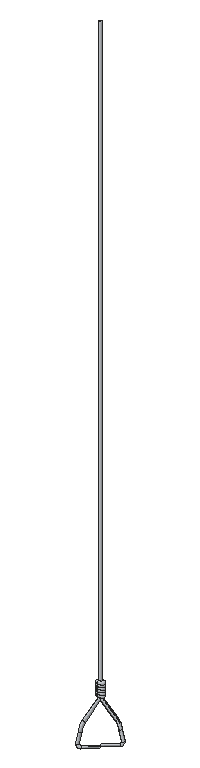
Revit family "33e64ad9beceab67830cc6ab6a642f87b3280696_new", category Specialty Equipment, Revit 2014
Parameters (values of type "Parametric")
  Wire Visibility = yes
  Wire = Metal - Aluminum Frame - HunterDouglas - Painted White
  URL = "http://www.hunterdouglascontract.com/ceilings/index.jsp"
  Subcategory = "Metal – Screen Baffle"  # constant formula
  Product Line = "V-Baffle Fins"  # constant formula
  Model = "V-Baffle Fins Hanger Wire"  # constant formula
  Manufacturer = "Hunter Douglas Luxalon Metal Ceilings"  # constant formula
  Hanger Wire Length [instance] = 2' - 0"
  Description = "V-Baffle Fins Hanger Wire"  # constant formula
  Assembly Code = "C3030200"
  95 CSI = "09510"  # constant formula
  04 CSI = "09 51 00"  # constant formula
Reference planes (in)
  plane 1 "Center (Front/Back)": y = 0
  plane 2: z = 0
  plane 3 "Center (Left/Right)": x = 0
  plane 4: x = -0.77248
  plane 5: x = 0.77248
  plane 6: z = 5.625
  plane 7: z = 5.6875
  plane 8: z = 24
  plane 9: x = 0.39791
  plane 10: x = -0.39791
Dimensions and locks (in)
  equal spacing: plane 4, plane 3 "Center (Left/Right)", plane 5
  plane 4 to plane 5 = 0' - 1.54495"
  locked: plane 6 to plane 7 at 0.0625
  plane 6 to level = 0' - 5 5/8"
  "Hanger Wire Length": plane 8 to level
  aligned and locked: level to plane 2
  aligned and locked: plane 1 "Center (Front/Back)" to nested 1
  aligned and locked: plane 3 "Center (Left/Right)" to nested 1
Nested families (in)
  nested 1: "Hanger_Wire" at (0, 0, 0), type "Wire"
Definition of nested family "Hanger_Wire"
  Parameters (values of type "Wire")
    Wire Visibility = yes
    Wire Hanger = Metal - Aluminum Frame - HunterDouglas - Painted White
    URL = "http://www.hunterdouglascontract.com/ceilings/index.jsp"
    Subcategory = "Metal – Cell Ceilings"  # constant formula
    Product Line = "Open Cell"  # constant formula
    Model = "Open Cell Hanger_Wire"  # constant formula
    Manufacturer = "Hunter Douglas Luxalon Metal Ceilings"  # constant formula
    Hanger Wire Length = 2' - 0"
    Description = "Hanger_Wire"  # constant formula
    Assembly Code = "C3030200"
    95 CSI = "09510"  # constant formula
    04 CSI = "09 51 00"  # constant formula
  Reference planes (in)
    plane 1 "Center (Front/Back)": y = 0
    plane 2: z = 0
    plane 3 "Center (Left/Right)": x = 0
    plane 4: x = -0.77248
    plane 5: x = 0.77248
    plane 6: z = 5.625
    plane 7: z = 5.6875
    plane 8: z = 24
    plane 9: x = 0.39791
    plane 10: x = -0.39791
  Forms (in)
    Sweep 1, solid, material "Metal - Aluminum Frame - HunterDouglas - Painted White" <- "Wire Hanger", visible <- "Wire Visibility", detail levels fine
      path origin (0, 0, 0) x (0.707107, 0.707107, 0) y (0, 0, 1)
        loop
          line (0.03125, 24) -> (0.03125, 6.89543) -> (0.38236, 6.32885)
          arc (0.38236, 6.32885) -> (0.44435, 6.20373) -> (0.48166, 6.06916) r 0.73777
          line (0.48166, 6.06916) -> (0.5376, 5.75399)
          arc (0.5376, 5.75399) -> (0.51364, 5.66427) -> (0.42949, 5.625) r 0.1098
          line (0.42949, 5.625) -> (-0.42976, 5.625)
          arc (-0.42976, 5.625) -> (-0.51374, 5.66419) -> (-0.53765, 5.75372) r 0.10957
          line (-0.53765, 5.75372) -> (-0.48246, 6.06465)
          arc (-0.48246, 6.06465) -> (-0.44395, 6.20357) -> (-0.37995, 6.33274) r 0.76163
          line (-0.37995, 6.33274) -> (-0.0384, 6.88388)
      profile origin (-0.0001, -0.0001, 5.625) x (0, 0, -1) y (0.707107, -0.707107, 0)
        loop
          circle (-0.03125, 0) r 0.03125
    Revolve 2, solid, material "Metal - Aluminum Frame - HunterDouglas - Painted White" <- "Wire Hanger", visible <- "Wire Visibility", detail levels fine
      sketch origin (0.00705, -1.10535, 0.17393) x (0, 0.947216, -0.320596) y (0, 0.320596, 0.947216)
        loop
          line (-1.22115, 7.10899) -> (-1.29189, 7.10899)
          arc (-1.29189, 7.10899) -> (-1.32314, 7.07774) -> (-1.29189, 7.04649) r 0.03125
          line (-1.29189, 7.04649) -> (-1.22115, 7.04649) -> (-1.22115, 7.10899)
        axis (-1.22115, 7.04649) -> (-1.22115, 7.10899)
      angle from 0 to 360
    Revolve 3, solid, material "Metal - Aluminum Frame - HunterDouglas - Painted White" <- "Wire Hanger", visible <- "Wire Visibility", detail levels fine
      sketch origin (0.00705, -1.10535, 0.04197) x (0, 0.947216, -0.320596) y (0, 0.320596, 0.947216)
        loop
          line (-1.22115, 7.10899) -> (-1.29189, 7.10899)
          arc (-1.29189, 7.10899) -> (-1.32314, 7.07774) -> (-1.29189, 7.04649) r 0.03125
          line (-1.29189, 7.04649) -> (-1.22115, 7.04649) -> (-1.22115, 7.10899)
        axis (-1.22115, 7.04649) -> (-1.22115, 7.10899)
      angle from 0 to 360
    Revolve 4, solid, material "Metal - Aluminum Frame - HunterDouglas - Painted White" <- "Wire Hanger", visible <- "Wire Visibility", detail levels fine
      sketch origin (0.00705, -1.10535, 0.10916) x (0, 0.947216, -0.320596) y (0, 0.320596, 0.947216)
        loop
          line (-1.22115, 7.10899) -> (-1.29189, 7.10899)
          arc (-1.29189, 7.10899) -> (-1.32314, 7.07774) -> (-1.29189, 7.04649) r 0.03125
          line (-1.29189, 7.04649) -> (-1.22115, 7.04649) -> (-1.22115, 7.10899)
        axis (-1.22115, 7.04649) -> (-1.22115, 7.10899)
      angle from 0 to 360
    Revolve 5, solid, material "Metal - Aluminum Frame - HunterDouglas - Painted White" <- "Wire Hanger", visible <- "Wire Visibility", detail levels fine
      sketch origin (0.00705, -1.10535, -0.02357) x (0, 0.947216, -0.320596) y (0, 0.320596, 0.947216)
        loop
          line (-1.22115, 7.10899) -> (-1.29189, 7.10899)
          arc (-1.29189, 7.10899) -> (-1.32314, 7.07774) -> (-1.29189, 7.04649) r 0.03125
          line (-1.29189, 7.04649) -> (-1.22115, 7.04649) -> (-1.22115, 7.10899)
        axis (-1.22115, 7.04649) -> (-1.22115, 7.10899)
      angle from 0 to 360
    Revolve 6, solid, material "Metal - Aluminum Frame - HunterDouglas - Painted White" <- "Wire Hanger", visible <- "Wire Visibility", detail levels fine
      sketch origin (0.00705, -1.10535, -0.08912) x (0, 0.947216, -0.320596) y (0, 0.320596, 0.947216)
        loop
          line (-1.22115, 7.10899) -> (-1.29189, 7.10899)
          arc (-1.29189, 7.10899) -> (-1.32314, 7.07774) -> (-1.29189, 7.04649) r 0.03125
          line (-1.29189, 7.04649) -> (-1.22115, 7.04649) -> (-1.22115, 7.10899)
        axis (-1.22115, 7.04649) -> (-1.22115, 7.10899)
      angle from 0 to 360
    Revolve 7, solid, material "Metal - Aluminum Frame - HunterDouglas - Painted White" <- "Wire Hanger", visible <- "Wire Visibility", detail levels fine
      sketch origin (0.00705, -1.10535, -0.15857) x (0, 0.947216, -0.320596) y (0, 0.320596, 0.947216)
        loop
          line (-1.22115, 7.10899) -> (-1.29189, 7.10899)
          arc (-1.29189, 7.10899) -> (-1.32314, 7.07774) -> (-1.29189, 7.04649) r 0.03125
          line (-1.29189, 7.04649) -> (-1.22115, 7.04649) -> (-1.22115, 7.10899)
        axis (-1.22115, 7.04649) -> (-1.22115, 7.10899)
      angle from 0 to 360
  Lines and regions (in)
    model lines, style "Wire", visible <- "Wire Visibility", detail levels coarse+medium
      curve 1: line (0, 0, 23.78125) -> (0, 0, 5.6875)
    symbolic lines, style "Wire", visible <- "Wire Visibility", detail levels fine
      curve 2: line (-0.38204, -0.33784, 0) -> (-0.08282, -0.03863, 0)
      curve 3: line (0.38204, 0.33784, 0) -> (0.09664, 0.05243, 0)
      curve 4: arc (0.33784, 0.38204, 0) -> (0.38204, 0.38204, 0) -> (0.38204, 0.33784, 0) r 0.03125
      curve 5: arc (-0.38204, -0.33784, 0) -> (-0.38204, -0.38204, 0) -> (-0.33784, -0.38204, 0) r 0.03125
      curve 6: circle (0.00691, 0.00691, 0) r 0.10062 normal (0, 0, 1)
      curve 8: line (0.05244, 0.09663, 0) -> (0.33784, 0.38204, 0)
      curve 9: line (-0.03862, -0.08282, 0) -> (-0.33784, -0.38204, 0)
      curve 14: line (-0.03122, 0, 24) -> (0.03122, 0, 24)
      curve 15: line (0.03122, 0, 24) -> (0.03122, 0, 7.2956)
      curve 16: line (-0.02999, 0, 6.87867) -> (-0.27048, 0, 6.34802)
      curve 17: line (-0.39791, 0, 5.75833) -> (-0.33782, 0, 6.08096)
      curve 18: arc (-0.33782, 0, 6.08096) -> (-0.3161, 0, 6.2175) -> (-0.27048, 0, 6.34802) r 0.77561
      curve 19: arc (-0.39791, 0, 5.75833) -> (-0.37867, 0, 5.67143) -> (-0.30275, 0, 5.625) r 0.11373
      curve 20: line (0.08629, 0, 6.80661) -> (-0.02999, 0, 6.87867)
      curve 21: spline (-0.03122, 0, 6.87764) -> (-0.02944, 0, 6.87816) -> (-0.02594, 0, 6.87916) -> (-0.02092, 0, 6.8806) -> (-0.01467, 0, 6.88239) -> (-0.00756, 0, 6.88442) -> (0, 0, 6.88657) -> (0.00755, 0, 6.88872) -> (0.01466, 0, 6.89074) -> (0.02091, 0, 6.89251) -> (0.02594, 0, 6.89393) -> (0.02944, 0, 6.89492) -> (0.03122, 0, 6.89542)
      curve 22: line (0.00884, 0, 6.81294) -> (-0.21356, 0, 6.32222)
      curve 23: arc (-0.2757, 0, 6.07315) -> (-0.25593, 0, 6.2005) -> (-0.21356, 0, 6.32222) r 0.71311
      curve 24: line (-0.33647, 0, 5.74689) -> (-0.2757, 0, 6.07315)
      curve 25: arc (-0.33647, 0, 5.74689) -> (-0.3278, 0, 5.70774) -> (-0.2936, 0, 5.68683) r 0.05123
      curve 26: line (0.03122, 0, 24) -> (-0.03122, 0, 24)
      curve 27: line (-0.03122, 0, 24) -> (-0.03122, 0, 7.3171)
      curve 28: line (-0.2936, 0, 5.68683) -> (0, 0, 5.68683)
      curve 29: line (0, 0, 5.625) -> (-0.30275, 0, 5.625)
      curve 30: line (-0.03122, 0, 6.92002) -> (-0.03122, 0, 6.87595)
      curve 31: line (0.03122, 0, 6.87595) -> (0.27048, 0, 6.34802)
      curve 32: line (0.39791, 0, 5.75833) -> (0.33782, 0, 6.08096)
      curve 33: arc (0.33782, 0, 6.08096) -> (0.3161, 0, 6.2175) -> (0.27048, 0, 6.34802) r 0.77561
      curve 34: arc (0.39791, 0, 5.75833) -> (0.37867, 0, 5.67143) -> (0.30275, 0, 5.625) r 0.11373
      curve 35: spline (0.03122, 0, 6.87764) -> (0.02944, 0, 6.87816) -> (0.02594, 0, 6.87916) -> (0.02092, 0, 6.8806) -> (0.01467, 0, 6.88239) -> (0.00756, 0, 6.88442) -> (0, 0, 6.88657) -> (-0.00755, 0, 6.88872) -> (-0.01466, 0, 6.89074) -> (-0.02091, 0, 6.89251) -> (-0.02594, 0, 6.89393) -> (-0.02944, 0, 6.89492) -> (-0.03122, 0, 6.89542)
      curve 36: line (-0.00884, 0, 6.81294) -> (0.21356, 0, 6.32222)
      curve 37: arc (0.2757, 0, 6.07315) -> (0.25593, 0, 6.2005) -> (0.21356, 0, 6.32222) r 0.71311
      curve 38: line (0.33647, 0, 5.74689) -> (0.2757, 0, 6.07315)
      curve 39: arc (0.33647, 0, 5.74689) -> (0.3278, 0, 5.70774) -> (0.2936, 0, 5.68683) r 0.05123
      curve 40: line (0.2936, 0, 5.68683) -> (0, 0, 5.68683)
      curve 41: line (0, 0, 5.625) -> (0.30275, 0, 5.625)
      curve 42: line (0.03122, 0, 6.92002) -> (0.03122, 0, 6.87595)
    symbolic lines, style "Wire", detail levels fine
      curve 7: circle (0, 0, 0) r 0.03125 normal (0, 0, 1)
      curve 43: line (0, 0.03122, 6.87595) -> (0, 0.27048, 6.34802)
      curve 44: line (0, 0.39791, 5.75833) -> (0, 0.33782, 6.08096)
      curve 45: arc (0, 0.33782, 6.08096) -> (0, 0.3161, 6.2175) -> (0, 0.27048, 6.34802) r 0.77561
      curve 46: arc (0, 0.39791, 5.75833) -> (0, 0.37867, 5.67143) -> (0, 0.30275, 5.625) r 0.11373
      curve 47: line (0, -0.00884, 6.81294) -> (0, 0.21356, 6.32222)
      curve 48: arc (0, 0.2757, 6.07315) -> (0, 0.25593, 6.2005) -> (0, 0.21356, 6.32222) r 0.71311
      curve 49: line (0, 0.33647, 5.74689) -> (0, 0.2757, 6.07315)
      curve 50: arc (0, 0.33647, 5.74689) -> (0, 0.3278, 5.70774) -> (0, 0.2936, 5.68683) r 0.05123
      curve 51: line (0, 0.2936, 5.68683) -> (0, 0, 5.68683)
      curve 52: line (0, 0, 5.625) -> (0, 0.30275, 5.625)
      curve 53: line (0, -0.03122, 6.87595) -> (0, -0.27048, 6.34802)
      curve 54: line (0, -0.39791, 5.75833) -> (0, -0.33782, 6.08096)
      curve 55: arc (0, -0.33782, 6.08096) -> (0, -0.3161, 6.2175) -> (0, -0.27048, 6.34802) r 0.77561
      curve 56: arc (0, -0.39791, 5.75833) -> (0, -0.37867, 5.67143) -> (0, -0.30275, 5.625) r 0.11373
      curve 57: line (0, 0.00884, 6.81294) -> (0, -0.21356, 6.32222)
      curve 58: arc (0, -0.2757, 6.07315) -> (0, -0.25593, 6.2005) -> (0, -0.21356, 6.32222) r 0.71311
      curve 59: line (0, -0.33647, 5.74689) -> (0, -0.2757, 6.07315)
      curve 60: arc (0, -0.33647, 5.74689) -> (0, -0.3278, 5.70774) -> (0, -0.2936, 5.68683) r 0.05123
      curve 61: line (0, -0.2936, 5.68683) -> (0, 0, 5.68683)
      curve 62: line (0, 0, 5.625) -> (0, -0.30275, 5.625)
      curve 63: line (0, -0.03122, 6.92002) -> (0, -0.03122, 6.87595)
      curve 64: line (0, -0.04684, 7.32248) -> (0, 0.08788, 7.27609)
      curve 65: line (0, -0.07537, 7.26608) -> (0, 0.06749, 7.21689)
      curve 66: arc (0, 0.08788, 7.27609) -> (0, 0.10729, 7.2363) -> (0, 0.06749, 7.21689) r 0.03131
      curve 67: arc (0, -0.04684, 7.32248) -> (0, -0.08569, 7.30672) -> (0, -0.07537, 7.26608) r 0.0319
      curve 68: arc (0, 0.08788, 7.20987) -> (0, 0.10784, 7.17187) -> (0, 0.0711, 7.14966) r 0.03131
      curve 69: arc (0, -0.04684, 7.25626) -> (0, -0.08551, 7.24085) -> (0, -0.07602, 7.20032) r 0.0319
      curve 70: line (0, -0.07602, 7.20032) -> (0, 0.0711, 7.14966)
      curve 71: arc (0, 0.08788, 7.14365) -> (0, 0.10784, 7.10565) -> (0, 0.0711, 7.08344) r 0.03131
      curve 72: arc (0, -0.04684, 7.19004) -> (0, -0.08551, 7.17463) -> (0, -0.07602, 7.1341) r 0.0319
      curve 73: line (0, -0.07602, 7.1341) -> (0, 0.0711, 7.08344)
      curve 74: arc (0, 0.08788, 7.07743) -> (0, 0.10784, 7.03943) -> (0, 0.0711, 7.01722) r 0.03131
      curve 75: arc (0, -0.04684, 7.12382) -> (0, -0.08551, 7.10841) -> (0, -0.07602, 7.06788) r 0.0319
      curve 76: line (0, -0.07602, 7.06788) -> (0, 0.0711, 7.01722)
      curve 77: arc (0, 0.08788, 7.01121) -> (0, 0.10784, 6.97321) -> (0, 0.0711, 6.951) r 0.03131
      curve 78: arc (0, -0.04684, 7.0576) -> (0, -0.08551, 7.04219) -> (0, -0.07602, 7.00166) r 0.0319
      curve 79: line (0, -0.07602, 7.00166) -> (0, 0.0711, 6.951)
      curve 80: arc (0, 0.08788, 6.94499) -> (0, 0.10784, 6.90699) -> (0, 0.0711, 6.88478) r 0.03131
      curve 81: arc (0, -0.04684, 6.99138) -> (0, -0.08551, 6.97597) -> (0, -0.07602, 6.93544) r 0.0319
      curve 82: line (0, -0.07602, 6.93544) -> (0, 0.0711, 6.88478)
      curve 83: line (0, -0.03122, 6.92002) -> (0, -0.03122, 6.87595)
      curve 84: spline (0, 0.03122, 6.87764) -> (0, 0.02944, 6.87816) -> (0, 0.02594, 6.87916) -> (0, 0.02092, 6.8806) -> (0, 0.01467, 6.88239) -> (0, 0.00756, 6.88442) -> (0, 0, 6.88657) -> (0, -0.00755, 6.88872) -> (0, -0.01466, 6.89074) -> (0, -0.02091, 6.89251) -> (0, -0.02594, 6.89393) -> (0, -0.02944, 6.89492) -> (0, -0.03122, 6.89542)
      curve 85: line (0, 0.03122, 6.89852) -> (0, 0.03122, 6.87595)
    symbolic lines, style "Wire", visible <- "Wire Visibility"
      curve 10: line (0, 0.03125, 24) -> (0, -0.03125, 24)
      curve 86: arc (-0.07801, 0, 6.97131) -> (-0.09482, 0, 7.00588) -> (-0.07483, 0, 7.03872) r 0.04011
      curve 87: arc (-0.07459, 0, 7.03886) -> (-0.03526, 0, 7.05461) -> (0.00686, 0, 7.05917) r 0.15569
      curve 88: arc (0.09173, 0, 6.97131) -> (0.10854, 0, 7.00588) -> (0.08855, 0, 7.03872) r 0.04011
      curve 89: arc (0.0883, 0, 7.03886) -> (0.04898, 0, 7.05461) -> (0.00686, 0, 7.05917) r 0.15569
      curve 90: arc (-0.07483, 0, 7.03872) -> (-0.09482, 0, 7.07163) -> (-0.07788, 0, 7.10622) r 0.04011
      curve 91: arc (-0.07459, 0, 7.10831) -> (-0.03526, 0, 7.12406) -> (0.00686, 0, 7.12862) r 0.15569
      curve 92: arc (0.08855, 0, 7.03872) -> (0.10858, 0, 7.07359) -> (0.0883, 0, 7.10831) r 0.04011
      curve 93: arc (0.0883, 0, 7.10831) -> (0.04898, 0, 7.12406) -> (0.00686, 0, 7.12862) r 0.15569
      curve 94: arc (-0.07788, 0, 7.10622) -> (-0.09482, 0, 7.14094) -> (-0.07459, 0, 7.17385) r 0.04011
      curve 95: arc (-0.07459, 0, 7.17385) -> (-0.03526, 0, 7.1896) -> (0.00686, 0, 7.19416) r 0.15569
      curve 96: arc (0.0916, 0, 7.10622) -> (0.10853, 0, 7.14094) -> (0.0883, 0, 7.17385) r 0.04011
      curve 97: arc (0.0883, 0, 7.17385) -> (0.04898, 0, 7.1896) -> (0.00686, 0, 7.19416) r 0.15569
      curve 98: arc (-0.07788, 0, 7.17176) -> (-0.09486, 0, 7.20453) -> (-0.07788, 0, 7.2373) r 0.04011
      curve 99: arc (-0.07459, 0, 7.23939) -> (-0.03526, 0, 7.25514) -> (0.00686, 0, 7.2597) r 0.15569
      curve 100: arc (0.0916, 0, 7.17176) -> (0.10858, 0, 7.20453) -> (0.0916, 0, 7.2373) r 0.04011
      curve 101: arc (0.0883, 0, 7.23939) -> (0.04898, 0, 7.25514) -> (0.00686, 0, 7.2597) r 0.15569
      curve 102: arc (-0.07788, 0, 7.2373) -> (-0.09482, 0, 7.27202) -> (-0.07459, 0, 7.30494) r 0.04011
      curve 103: arc (-0.07459, 0, 7.30494) -> (-0.03526, 0, 7.32068) -> (0.00686, 0, 7.32524) r 0.15569
      curve 104: arc (0.0916, 0, 7.2373) -> (0.10853, 0, 7.27202) -> (0.0883, 0, 7.30494) r 0.04011
      curve 105: arc (0.0883, 0, 7.30494) -> (0.04898, 0, 7.32068) -> (0.00686, 0, 7.32524) r 0.15569
      curve 106: arc (-0.07788, 0, 6.90568) -> (-0.09482, 0, 6.94041) -> (-0.07459, 0, 6.97332) r 0.04011
      curve 107: arc (-0.07801, 0, 6.97131) -> (-0.03718, 0, 6.98857) -> (0.00686, 0, 6.99363) r 0.15569
      curve 108: arc (0.0916, 0, 6.90568) -> (0.10853, 0, 6.94041) -> (0.0883, 0, 6.97332) r 0.04011
      curve 109: arc (0.09173, 0, 6.97131) -> (0.0509, 0, 6.98857) -> (0.00686, 0, 6.99363) r 0.15569
      curve 110: arc (-0.07788, 0, 6.90568) -> (-0.05245, 0, 6.89233) -> (-0.02439, 0, 6.88621) r 0.10721
      curve 111: arc (0.0916, 0, 6.90568) -> (0.06617, 0, 6.89233) -> (0.03811, 0, 6.88621) r 0.10721
    symbolic lines, style "Wire", detail levels medium+fine
      curve 11: line (0, -0.03125, 24) -> (0, -0.03125, 7.23915)
      curve 12: arc (0, 0.03125, 7.23915) -> (0, 0, 7.22966) -> (0, -0.03125, 7.23915) r 0.05621
      curve 13: line (0, 0.03125, 7.23915) -> (0, 0.03125, 24)
  Dimensions and locks (in)
    equal spacing: plane 4, plane 3 "Center (Left/Right)", plane 5
    plane 4 to plane 5 = 0' - 1.54495"
    locked: plane 6 to plane 7 at 0.0625
    plane 6 to level = 0' - 5 5/8"
    "Hanger Wire Length": plane 8 to level
    aligned and locked: level to plane 2
    aligned and locked: Sweep 1 sketch curve to plane 6
    aligned and locked: curve 1 to plane 3 "Center (Left/Right)"
    aligned and locked: plane 7 to curve 1
    aligned and locked: plane 8 to curve 26
    aligned and locked: plane 8 to Sweep 1 sketch curve
    aligned and locked: curve 10 to plane 8
  Automatic sketch dimensions
    curve 12 to plane 1 "Center (Front/Back)" = 0' - 0"
    plane 1 "Center (Front/Back)" to curve 11 = 0' - 0 1/32"
    curve 13 to plane 1 "Center (Front/Back)" = 0' - 0 1/32"
    curve 12 to curve 12 = 0' - 0.04672"
    curve 18 to curve 23 = 0' - 0"  (x2)
    curve 19 to curve 25 = 0' - 0"  (x2)
    curve 33 to curve 37 = 0' - 0"  (x2)
    curve 34 to curve 39 = 0' - 0"  (x2)
    curve 19 to plane 6 = 0' - 0"
    curve 41 to plane 3 "Center (Left/Right)" = 0' - 0"
    curve 40 to plane 3 "Center (Left/Right)" = 0' - 0"
    curve 35 to plane 3 "Center (Left/Right)" = 0' - 0"
    curve 36 to plane 3 "Center (Left/Right)" = 0' - 0.00884"
    curve 16 to plane 3 "Center (Left/Right)" = 0' - 0.02999"
    curve 14 to plane 3 "Center (Left/Right)" = 0' - 0.03122"
    curve 35 to curve 16 = 0' - 0.00123"
    curve 21 to curve 21 = 0' - 0.00021"
    curve 22 to plane 3 "Center (Left/Right)" = 0' - 0.21356"
    curve 18 to curve 23 = 0' - 0.05693"
    curve 23 to curve 22 = 0' - 0.06215"
    plane 7 to curve 19 = 0' - 0.05001"
    curve 19 to plane 3 "Center (Left/Right)" = 0' - 0.2861"
    curve 25 to plane 7 = 0' - 0.00067"
    curve 25 to curve 19 = 0' - 0.0075"
    curve 29 to curve 28 = 0' - 0.00915"
    curve 25 to curve 19 = 0' - 0.05037"
    curve 17 to curve 23 = 0' - 0.06212"
    plane 7 to curve 17 = 0' - 0.07083"
    curve 37 to curve 17 = 0' - 0.09814"
    plane 3 "Center (Left/Right)" to curve 21 = 0' - 0"
    plane 3 "Center (Left/Right)" to curve 22 = 0' - 0.00884"
    plane 3 "Center (Left/Right)" to curve 42 = 0' - 0.03122"
    plane 3 "Center (Left/Right)" to curve 14 = 0' - 0.03122"
    curve 35 to curve 31 = 0' - 0"
    curve 35 to curve 35 = 0' - 0.00021"
    curve 22 to curve 20 = 0' - 0.07745"
    plane 3 "Center (Left/Right)" to curve 37 = 0' - 0.21356"
    curve 36 to curve 31 = 0' - 0.05693"
    curve 37 to curve 38 = 0' - 0.06215"
    plane 7 to curve 39 = 0' - 0.05001"
    plane 3 "Center (Left/Right)" to curve 39 = 0' - 0.2861"
    curve 34 to curve 40 = 0' - 0.0075"
    curve 39 to curve 34 = 0' - 0.00915"
    curve 34 to curve 39 = 0' - 0.05037"
    curve 38 to curve 33 = 0' - 0.06212"
    curve 38 to curve 34 = 0' - 0.06144"
    curve 33 to curve 23 = 0' - 0.09814"
    curve 19 to curve 33 = 0' - 0 69/256"
    curve 34 to curve 18 = 0' - 0 69/256"
    curve 33 to curve 23 = 0' - 0.04529"
    curve 18 to curve 37 = 0' - 0.04529"
    curve 38 to curve 32 = 0' - 0 1/128"
    curve 23 to curve 18 = 0' - 0 1/128"
    curve 33 to curve 20 = 0' - 0.4586"
    curve 20 to curve 36 = 0' - 0.00633"
    curve 22 to curve 36 = 0' - 0"
    curve 36 to curve 30 = 0' - 0.06301"
    curve 42 to curve 16 = 0' - 0.00272"
    curve 31 to curve 35 = 0' - 0.00163"
    curve 30 to curve 21 = 0' - 0.00163"
    curve 35 to curve 35 = 0' - 0.00006"
    curve 21 to curve 21 = 0' - 0.00006"
    curve 35 to curve 30 = 0' - 0.0246"
    curve 21 to curve 42 = 0' - 0.0246"
    curve 42 to curve 15 = 0' - 0.37558"
    curve 15 to curve 27 = 0' - 0.0215"
    plane 1 "Center (Front/Back)" to curve 7 = 0' - 0"
    curve 7 to plane 3 "Center (Left/Right)" = 0' - 0"
    curve 9 to plane 3 "Center (Left/Right)" = 0' - 0.03862"
    plane 1 "Center (Front/Back)" to curve 2 = 0' - 0.03863"
    curve 2 to curve 9 = 0' - 0.0442"
    curve 5 to plane 3 "Center (Left/Right)" = 0' - 0.33784"
    curve 5 to curve 9 = 0' - 0.0221"
    curve 5 to curve 5 = 0' - 0.0221"
    plane 3 "Center (Left/Right)" to curve 6 = 0' - 0.00691"
    plane 3 "Center (Left/Right)" to curve 8 = 0' - 0.05244"
    curve 8 to curve 3 = 0' - 0.0442"
    plane 3 "Center (Left/Right)" to curve 4 = 0' - 0.33784"
    curve 4 to curve 4 = 0' - 0.0221"
    curve 4 to curve 3 = 0' - 0.0221"
    curve 9 to curve 2 = 0' - 0.0442"
    plane 1 "Center (Front/Back)" to curve 2 = 0' - 0.33784"
    curve 5 to curve 2 = 0' - 0.0221"
    curve 4 to plane 1 "Center (Front/Back)" = 0' - 0.33784"
    curve 3 to curve 4 = 0' - 0.0221"
    plane 7 to Sweep 1 sketch curve = 0' - 0.06622"
    plane 7 to Sweep 1 sketch curve = 0' - 0.37715"
    Sweep 1 sketch curve to Sweep 1 sketch curve = 0' - 0.05519"
    Sweep 1 sketch curve to Sweep 1 sketch curve = 0' - 0.10788"
    Sweep 1 sketch curve to Sweep 1 sketch curve = 0' - 0.10251"
    Sweep 1 sketch curve to Sweep 1 sketch curve = 0' - 0.2377"
    plane 7 to Sweep 1 sketch curve = 0' - 1.19638"
    Sweep 1 sketch curve to Sweep 1 sketch curve = 0' - 0.34154"
    Sweep 1 sketch curve to Sweep 1 sketch curve = 0' - 0.06965"
    plane 7 to Sweep 1 sketch curve = 0' - 0.24405"
    Sweep 1 sketch curve to Sweep 1 sketch curve = 0' - 0.51221"
    Sweep 1 sketch curve to Sweep 1 sketch curve = 0' - 0.1149"
    Sweep 1 sketch curve to Sweep 1 sketch curve = 0' - 0.16204"
    Sweep 1 sketch curve to Sweep 1 sketch curve = 0' - 0.21421"
    plane 7 to Sweep 1 sketch curve = 0' - 0.06649"
    Sweep 1 sketch curve to Sweep 1 sketch curve = 0' - 0.10811"
    plane 7 to Sweep 1 sketch curve = 0' - 0.25273"
    Sweep 1 sketch curve to Sweep 1 sketch curve = 0' - 0.13761"
    Sweep 1 sketch curve to Sweep 1 sketch curve = 0' - 0.01154"
    Sweep 1 sketch curve to profile plane = 0' - 0"
    profile plane to Sweep 1 sketch curve = 0' - 0 1/32"
    plane 1 "Center (Front/Back)" to Revolve 2 sketch curve = 0' - 0.06997"
    plane 7 to Revolve 2 sketch curve = 0' - 1.57516"
    Revolve 2 sketch curve to Revolve 2 sketch curve = 0' - 0.07074"
    Revolve 2 sketch curve to Revolve 2 sketch curve = 0' - 0"  (x2)
    Revolve 2 sketch curve to Revolve 2 sketch curve = 0' - 0 1/32"
    Revolve 2 sketch curve to Revolve 2 sketch curve = 0' - 0.02781"
    plane 1 "Center (Front/Back)" to Revolve 3 sketch curve = 0' - 0.06997"
    plane 7 to Revolve 3 sketch curve = 0' - 1.44319"
    Revolve 3 sketch curve to Revolve 3 sketch curve = 0' - 0.07074"
    Revolve 3 sketch curve to Revolve 3 sketch curve = 0' - 0"  (x2)
    Revolve 3 sketch curve to Revolve 3 sketch curve = 0' - 0 1/32"
    Revolve 3 sketch curve to Revolve 3 sketch curve = 0' - 0.02781"
    curve 45 to curve 48 = 0' - 0"  (x2)
    curve 46 to curve 50 = 0' - 0"  (x2)
    curve 55 to curve 58 = 0' - 0"  (x2)
    curve 56 to curve 60 = 0' - 0"  (x2)
    plane 6 to curve 46 = 0' - 0"
    curve 61 to plane 1 "Center (Front/Back)" = 0' - 0"
    curve 52 to plane 1 "Center (Front/Back)" = 0' - 0"
    curve 57 to plane 1 "Center (Front/Back)" = 0' - 0.00884"
    curve 85 to plane 1 "Center (Front/Back)" = 0' - 0.03122"
    curve 84 to curve 43 = 0' - 0"
    curve 84 to curve 84 = 0' - 0.00021"
    curve 65 to plane 1 "Center (Front/Back)" = 0' - 0.06749"
    curve 73 to plane 1 "Center (Front/Back)" = 0' - 0.0711"
    curve 68 to curve 71 = 0' - 0"
    curve 79 to curve 85 = 0' - 0.03988"
    curve 82 to curve 84 = 0' - 0.03967"
    curve 76 to curve 73 = 0' - 0"
    curve 74 to curve 74 = 0' - 0.00658"
    curve 68 to curve 68 = 0' - 0.00658"
    curve 77 to curve 79 = 0' - 0.00658"
    curve 80 to curve 80 = 0' - 0.00658"
    curve 71 to curve 73 = 0' - 0.00658"
    curve 66 to curve 66 = 0' - 0.01019"
    curve 80 to curve 79 = 0' - 0.01678"
    curve 77 to curve 76 = 0' - 0.01678"
    curve 64 to curve 66 = 0' - 0.01019"
    curve 71 to curve 70 = 0' - 0.01678"
    curve 68 to curve 66 = 0' - 0.02038"
    curve 74 to curve 73 = 0' - 0.01678"
    curve 48 to plane 1 "Center (Front/Back)" = 0' - 0.21356"
    curve 45 to curve 47 = 0' - 0.05693"
    curve 48 to curve 48 = 0' - 0.06215"
    plane 7 to curve 46 = 0' - 0.05001"
    curve 46 to plane 1 "Center (Front/Back)" = 0' - 0.2861"
    curve 50 to plane 7 = 0' - 0.00067"
    curve 50 to curve 46 = 0' - 0.0075"
    curve 52 to curve 50 = 0' - 0.00915"
    plane 7 to curve 49 = 0' - 0.05939"
    curve 44 to curve 48 = 0' - 0.06212"
    curve 46 to curve 49 = 0' - 0.06144"
    curve 55 to curve 45 = 0' - 0.09814"
    plane 1 "Center (Front/Back)" to curve 84 = 0' - 0"
    plane 1 "Center (Front/Back)" to curve 47 = 0' - 0.00884"
    plane 1 "Center (Front/Back)" to curve 83 = 0' - 0.03122"
    plane 1 "Center (Front/Back)" to curve 64 = 0' - 0.04684"
    plane 1 "Center (Front/Back)" to curve 69 = 0' - 0.04684"
    plane 1 "Center (Front/Back)" to curve 72 = 0' - 0.04684"
    plane 1 "Center (Front/Back)" to curve 81 = 0' - 0.04684"
    plane 1 "Center (Front/Back)" to curve 78 = 0' - 0.04684"
    plane 1 "Center (Front/Back)" to curve 75 = 0' - 0.04684"
    curve 72 to curve 72 = 0' - 0.01039"
    curve 67 to curve 67 = 0' - 0.01039"
    curve 81 to curve 81 = 0' - 0.01039"
    curve 69 to curve 69 = 0' - 0.01039"
    curve 78 to curve 78 = 0' - 0.01039"
    curve 75 to curve 75 = 0' - 0.01039"
    curve 69 to curve 67 = 0' - 0.02853"
    curve 75 to curve 73 = 0' - 0.02918"
    curve 72 to curve 69 = 0' - 0.02918"
    curve 81 to curve 81 = 0' - 0.01879"
    curve 78 to curve 75 = 0' - 0.02918"
    curve 81 to curve 79 = 0' - 0.02918"
    plane 1 "Center (Front/Back)" to curve 57 = 0' - 0.21356"
    curve 57 to curve 55 = 0' - 0.05693"
    curve 58 to curve 58 = 0' - 0.06215"
    plane 7 to curve 60 = 0' - 0.05001"
    plane 1 "Center (Front/Back)" to curve 60 = 0' - 0.2861"
    curve 56 to curve 60 = 0' - 0.0075"
    curve 60 to curve 62 = 0' - 0.00915"
    curve 56 to curve 60 = 0' - 0.05037"
    curve 58 to curve 55 = 0' - 0.06212"
    plane 7 to curve 54 = 0' - 0.07083"
    curve 54 to curve 45 = 0' - 0.09814"
    curve 56 to curve 45 = 0' - 0 69/256"
    curve 44 to curve 55 = 0' - 0 69/256"
    curve 45 to curve 59 = 0' - 0.04529"
    curve 55 to curve 49 = 0' - 0.04529"
    curve 58 to curve 54 = 0' - 0 1/128"
    curve 48 to curve 44 = 0' - 0 1/128"
    curve 57 to curve 47 = 0' - 0.49072"
    curve 57 to curve 47 = 0' - 0"
    curve 47 to curve 53 = 0' - 0.06301"
    curve 43 to curve 53 = 0' - 0"
    curve 43 to curve 84 = 0' - 0.00163"
    curve 84 to curve 84 = 0' - 0.00006"
    curve 84 to curve 80 = 0' - 0.00721"
    curve 84 to curve 85 = 0' - 0.02087"
    curve 80 to curve 80 = 0' - 0.03061"
    curve 80 to curve 79 = 0' - 0.00601"
    curve 81 to curve 81 = 0' - 0.02577"
    curve 79 to curve 77 = 0' - 0.03061"
    curve 81 to curve 79 = 0' - 0.01028"
    curve 77 to curve 74 = 0' - 0.00601"
    curve 78 to curve 78 = 0' - 0.02577"
    curve 74 to curve 74 = 0' - 0.03061"
    curve 78 to curve 75 = 0' - 0.01028"
    curve 74 to curve 73 = 0' - 0.00601"
    curve 75 to curve 75 = 0' - 0.02577"
    curve 73 to curve 71 = 0' - 0.03061"
    curve 75 to curve 72 = 0' - 0.01028"
    curve 71 to curve 68 = 0' - 0.00601"
    curve 72 to curve 72 = 0' - 0.02577"
    curve 68 to curve 68 = 0' - 0.03061"
    curve 72 to curve 69 = 0' - 0.01028"
    curve 68 to curve 66 = 0' - 0.00702"
    curve 70 to curve 69 = 0' - 0.02577"
    curve 66 to curve 66 = 0' - 0.0296"
    curve 65 to curve 67 = 0' - 0.02623"
    curve 86 to plane 3 "Center (Left/Right)" = 0' - 0.07801"
    curve 94 to plane 3 "Center (Left/Right)" = 0' - 0.07788"
    curve 98 to curve 94 = 0' - 0"
    curve 98 to curve 98 = 0' - 0"
    curve 107 to curve 110 = 0' - 0.00013"
    curve 86 to curve 90 = 0' - 0.00318"
    curve 102 to curve 99 = 0' - 0.0033"
    curve 98 to curve 95 = 0' - 0.0033"
    curve 90 to curve 87 = 0' - 0.00025"
    curve 86 to curve 106 = 0' - 0.00342"
    curve 94 to curve 91 = 0' - 0.0033"
    curve 94 to curve 95 = 0' - 0"
    curve 102 to curve 99 = 0' - 0"
    curve 103 to curve 102 = 0' - 0"
    curve 110 to curve 106 = 0' - 0.02313"
    curve 106 to curve 86 = 0' - 0.01984"
    curve 99 to curve 102 = 0' - 0.01984"
    curve 87 to curve 90 = 0' - 0.01984"
    curve 91 to curve 94 = 0' - 0.01984"
    curve 95 to curve 98 = 0' - 0.01984"
    curve 110 to plane 3 "Center (Left/Right)" = 0' - 0.02439"
    curve 110 to plane 3 "Center (Left/Right)" = 0' - 0.01579"
    plane 3 "Center (Left/Right)" to curve 107 = 0' - 0.00241"
    plane 3 "Center (Left/Right)" to curve 99 = 0' - 0.00241"
    plane 3 "Center (Left/Right)" to curve 91 = 0' - 0.00241"
    plane 3 "Center (Left/Right)" to curve 87 = 0' - 0.00241"
    plane 3 "Center (Left/Right)" to curve 103 = 0' - 0.00241"
    plane 3 "Center (Left/Right)" to curve 95 = 0' - 0.00241"
    plane 3 "Center (Left/Right)" to curve 103 = 0' - 0.00686"
    plane 3 "Center (Left/Right)" to curve 101 = 0' - 0.00686"
    plane 3 "Center (Left/Right)" to curve 97 = 0' - 0.00686"
    plane 3 "Center (Left/Right)" to curve 87 = 0' - 0.00686"
    plane 3 "Center (Left/Right)" to curve 109 = 0' - 0.00686"
    plane 3 "Center (Left/Right)" to curve 91 = 0' - 0.00686"
    curve 107 to curve 109 = 0' - 0.00891"
    curve 103 to curve 105 = 0' - 0.00891"
    curve 99 to curve 101 = 0' - 0.00891"
    curve 87 to curve 89 = 0' - 0.00891"
    curve 91 to curve 93 = 0' - 0.00891"
    curve 95 to curve 97 = 0' - 0.00891"
    curve 107 to curve 111 = 0' - 0.02264"
    curve 89 to curve 111 = 0' - 0.0268"
    curve 87 to curve 92 = 0' - 0.06161"
    curve 99 to curve 104 = 0' - 0.06161"
    curve 111 to curve 88 = 0' - 0.03896"
    curve 91 to curve 96 = 0' - 0.06161"
    curve 111 to curve 108 = 0' - 0.03036"
    curve 97 to curve 100 = 0' - 0.06161"
    curve 96 to curve 93 = 0' - 0.01984"
    curve 104 to curve 101 = 0' - 0.01984"
    curve 100 to curve 97 = 0' - 0.01984"
    curve 92 to curve 89 = 0' - 0.01984"
    curve 96 to curve 97 = 0' - 0"
    curve 104 to curve 104 = 0' - 0.01984"
    curve 105 to curve 104 = 0' - 0"
    curve 92 to curve 93 = 0' - 0"
    curve 88 to curve 108 = 0' - 0.01984"
    curve 89 to curve 88 = 0' - 0.00025"
    curve 108 to curve 111 = 0' - 0.02313"
    curve 92 to curve 96 = 0' - 0.0033"
    curve 101 to curve 100 = 0' - 0.0033"
    curve 96 to curve 100 = 0' - 0.0033"
    curve 108 to curve 109 = 0' - 0.00342"
    plane 7 to curve 107 = 0' - 1.1505"
    curve 109 to curve 107 = 0' - 0"
    curve 107 to curve 110 = 0' - 0.04821"
    curve 109 to curve 111 = 0' - 0.04821"
    curve 111 to curve 89 = 0' - 0.01733"
    curve 87 to curve 89 = 0' - 0"
    curve 111 to curve 108 = 0' - 0.01947"
    curve 110 to curve 110 = 0' - 0.01947"
    curve 111 to curve 108 = 0' - 0.03277"
    curve 110 to curve 106 = 0' - 0.03277"
    curve 109 to curve 108 = 0' - 0.00201"
    curve 93 to curve 107 = 0' - 0.02063"
    curve 91 to curve 93 = 0' - 0"
    curve 108 to curve 88 = 0' - 0.03068"
    curve 106 to curve 86 = 0' - 0.03068"
    curve 109 to curve 95 = 0' - 0.04491"
    curve 97 to curve 95 = 0' - 0"
    curve 90 to curve 87 = 0' - 0.00014"
    curve 87 to curve 90 = 0' - 0.03458"
    curve 101 to curve 91 = 0' - 0.02454"
    curve 99 to curve 101 = 0' - 0"
    curve 103 to curve 95 = 0' - 0.02454"
    curve 105 to curve 103 = 0' - 0"
    curve 100 to curve 96 = 0' - 0.00209"
    curve 98 to curve 95 = 0' - 0.00209"
    curve 97 to curve 100 = 0' - 0.03068"
    curve 100 to curve 101 = 0' - 0.00209"
    plane 1 "Center (Front/Back)" to Revolve 4 sketch curve = 0' - 0.06997"
    plane 7 to Revolve 4 sketch curve = 0' - 1.51039"
    Revolve 4 sketch curve to Revolve 4 sketch curve = 0' - 0.07074"
    Revolve 4 sketch curve to Revolve 4 sketch curve = 0' - 0"  (x2)
    Revolve 4 sketch curve to Revolve 4 sketch curve = 0' - 0 1/32"
    Revolve 4 sketch curve to Revolve 4 sketch curve = 0' - 0.02781"
    plane 1 "Center (Front/Back)" to Revolve 5 sketch curve = 0' - 0.06997"
    plane 7 to Revolve 5 sketch curve = 0' - 1.37765"
    Revolve 5 sketch curve to Revolve 5 sketch curve = 0' - 0.07074"
    Revolve 5 sketch curve to Revolve 5 sketch curve = 0' - 0"  (x2)
    Revolve 5 sketch curve to Revolve 5 sketch curve = 0' - 0 1/32"
    Revolve 5 sketch curve to Revolve 5 sketch curve = 0' - 0.02781"
    plane 1 "Center (Front/Back)" to Revolve 6 sketch curve = 0' - 0.06997"
    plane 7 to Revolve 6 sketch curve = 0' - 1.31211"
    Revolve 6 sketch curve to Revolve 6 sketch curve = 0' - 0.07074"
    Revolve 6 sketch curve to Revolve 6 sketch curve = 0' - 0"  (x2)
    Revolve 6 sketch curve to Revolve 6 sketch curve = 0' - 0 1/32"
    Revolve 6 sketch curve to Revolve 6 sketch curve = 0' - 0.02781"
    plane 1 "Center (Front/Back)" to Revolve 7 sketch curve = 0' - 0.06997"
    plane 7 to Revolve 7 sketch curve = 0' - 1.24266"
    Revolve 7 sketch curve to Revolve 7 sketch curve = 0' - 0.07074"
    Revolve 7 sketch curve to Revolve 7 sketch curve = 0' - 0"  (x2)
    Revolve 7 sketch curve to Revolve 7 sketch curve = 0' - 0 1/32"
    Revolve 7 sketch curve to Revolve 7 sketch curve = 0' - 0.02781"
    plane 7 to curve 12 = 0' - 1.59837"
    curve 1 to plane 8 = 0' - 0 7/32"
    radius of curve 7 = 0' - 0 1/32"
    radius of Sweep 1 sketch curve = 0' - 0 1/32"
